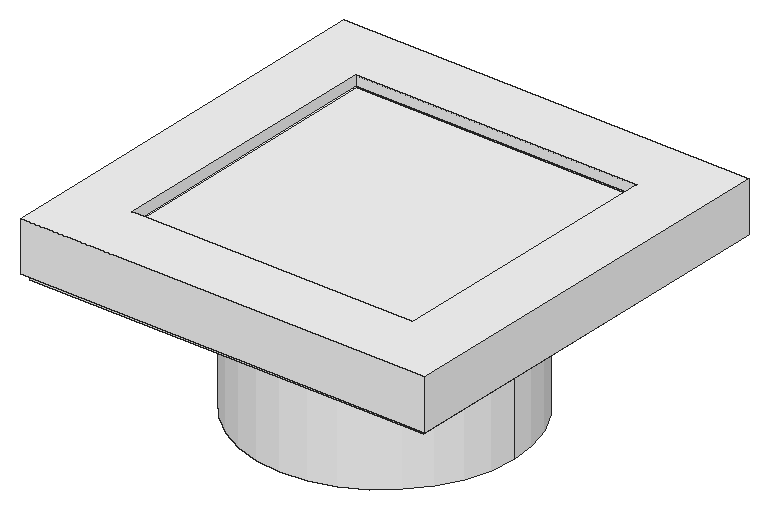
Revit family "Gira_029603", category Electrical Fixtures, host Face, Revit 2017
Family settings
  Host = Face
  Maintain Annotation Orientation = Yes
  Round Connector Dimension = Use Diameter
  Part Type = Normal
  Cut with Voids When Loaded = No
  Shared = No
  Room Calculation Point = No
Parameters (values of type "Rocker System 55 p.white")
  With exchangeable lens/symbol = "No"
  White [instance] = White
  URL = "http://katalog.gira.de/en/datenblatt.html?artikelnr=029603"
  Suitable for touch sensor connector for bus system = "Yes"
  Scannable symbol / barrier free = "No"
  Name = "Rocker System 55 p.white"
  Monitoring window/light outlet = "No"
  Model = "Single rocker"
  Manufacturer URL = "https://www.gira.de/"
  Manufacturer = "Gira"
  HeinzeBIM = "https://bimportal.heinze.de/bim/rocker-system-55-p-white/a55e00bda79fb94a13a75ee73137dbaa98c1a2b5"
  HAN = "029603"
  GTIN = "4010337296034"
  Description = "Rock. Sys55 PW,Rocker,,pure white glossy,"
  Default Elevation = 1219.2 mm
  Data sheet (1) = "https://katalog.gira.de/en/download.html?artikelnr=029603"
  Category = "Control element/cover plate for domestic switching devices"
  BIM (1) = "https://media.stage.bim.site/public/gira/36a6b08/Sys55_Komplettgerät_Schalten und Tasten.rfa?public/gira/36a6b08/Sys55_Komplettgerät_Schalten und Tasten.rfa"
  Available = "No"
Reference planes
  plane 1 "Center (Front/Back)": y = 0
  plane 2: z = 0
  plane 3 "Center (Left/Right)": x = 0
Forms (mm)
  Extrusion 1, solid, material "White" <- "White", detail levels medium
    sketch origin (0, 0, 0) x (1, 0, 0) y (0, 1, 0)
      loop
        line (-40.4, 40.4) -> (-40.4, -40.4) -> (40.4, -40.4) -> (40.4, 40.4) -> (-40.4, 40.4)
      loop
        line (-28, 28) -> (-28, -28) -> (28, -28) -> (28, 28) -> (-28, 28)
    from 0 to 10
  Extrusion 2, solid, material "White" <- "White", detail levels fine
    sketch origin (0, 0, 0) x (1, 0, 0) y (0, 1, 0)
      loop
        line (-40.4, 40.4) -> (-40.4, -40.4) -> (40.4, -40.4) -> (40.4, 40.4) -> (-40.4, 40.4)
      loop
        line (-28, 28) -> (-28, -28) -> (28, -28) -> (28, 28) -> (-28, 28)
    from 0 to 10
  Extrusion 3, void
    sketch origin (0, 0, 0) x (1, 0, 0) y (0, 1, 0)
      loop
        line (-38.4, 38.4) -> (-38.4, -38.4) -> (38.4, -38.4) -> (38.4, 38.4) -> (-38.4, 38.4)
    from 0 to 8
  Extrusion 4, solid, material "White" <- "White", detail levels medium+fine
    sketch origin (0, 0, 0) x (1, 0, 0) y (0, 1, 0)
      loop
        line (-39.4, 39.4) -> (-39.4, -39.4) -> (39.4, -39.4) -> (39.4, 39.4) -> (-39.4, 39.4)
    from 0 to -1
  Extrusion 5, solid, material "White" <- "White", detail levels medium+fine
    sketch origin (0, 0, 0) x (1, 0, 0) y (0, 1, 0)
      loop
        line (-35.5, 35.5) -> (-35.5, -35.5) -> (35.5, -35.5) -> (35.5, 35.5) -> (-35.5, 35.5)
    from -2 to -3
  Extrusion 6, solid, material "White" <- "White", detail levels medium+fine
    sketch origin (0, 0, 0) x (1, 0, 0) y (0, 1, 0)
      loop
        circle (0, 0) r 26
    from 0 to -27.5
  Extrusion 7, solid, material "White" <- "White", detail levels coarse
    sketch origin (0, 0, 0) x (1, 0, 0) y (0, 1, 0)
      loop
        line (-40.4, 40.4) -> (-40.4, -40.4) -> (40.4, -40.4) -> (40.4, 40.4) -> (-40.4, 40.4)
    from -27.5 to 10
Cuts and joins
  Extrusion 3 cuts Extrusion 2
Dimensions and locks
  aligned and locked: plane 2 to host face
  aligned and locked: level to host face
  aligned and locked: plane 3 "Center (Left/Right)" to nested 2
  aligned and locked: plane 1 "Center (Front/Back)" to nested 2
Nested families
  nested 1: "Sys55_Abdeckung_Schalten und Tasten_floor_base" at (0, 0, 0), type "Sys55_Abdeckung_Schalten und Tasten_floor_base"
  nested 2: "Schalter" at (0, 0, 0), type "Schalter"
Connectors
  electrical at (0, 0, -27.5)
    settings: on Extrusion 6, index 1, voltage 220 V, apparent load 0 VA, apparent load phase1 0 VA, apparent load phase2 0 VA, apparent load phase3 0 VA, power factor 1, load classification "Other", number of poles 1, system type 30, power factor state 1, is connector primary yes, connector utility no, sub classification motor no, connector description ""
Definition of nested family "Sys55_Abdeckung_Schalten und Tasten_floor_base"
  Parameters
    Default Elevation = 1219.2 mm
    White [instance] = none
  Reference planes
    plane 1 "Center (Front/Back)": y = 0
    plane 2: z = 0
    plane 3 "Center (Left/Right)": x = 0
  Forms (mm)
    Extrusion 1, solid
      sketch origin (0, 0, 0) x (1, 0, 0) y (0, 1, 0)
        loop
          line (-1219.2, 1219.2) -> (-1219.2, -1219.2) -> (1219.2, -1219.2) -> (1219.2, 1219.2) -> (-1219.2, 1219.2)
      from 0 to -304.8
    Extrusion 2, solid, material <- "White", detail levels fine
      sketch origin (0, 0, 0) x (1, 0, 0) y (0, 1, 0)
        loop
          line (-27.5, 27.5) -> (-27.5, -27.5) -> (27.5, -27.5) -> (27.5, 27.5) -> (-27.5, 27.5)
      from 0 to 8
    Extrusion 3, void
      sketch origin (0, 0, 0) x (1, 0, 0) y (0, 1, 0)
        loop
          line (26, 26) -> (-26, 26) -> (-26, -26) -> (26, -26) -> (26, 26)
      from 0 to 6
    Extrusion 4, solid, material <- "White", detail levels medium
      sketch origin (0, 0, 0) x (1, 0, 0) y (0, 1, 0)
        loop
          line (-27.5, 27.5) -> (-27.5, -27.5) -> (27.5, -27.5) -> (27.5, 27.5) -> (-27.5, 27.5)
      from 0 to 8
    Extrusion 5, solid, material <- "White", detail levels medium
      sketch origin (0, 0, 0) x (1, 0, 0) y (0, 1, 0)
        loop
          line (11, -17.5) -> (11, 17.5) -> (-11, 17.5) -> (-11, -17.5) -> (11, -17.5)
      from -6 to 6
    Extrusion 6, solid, material <- "White", detail levels fine
      sketch origin (0, 0, 0) x (1, 0, 0) y (0, 1, 0)
        loop
          line (11, 17.5) -> (-11, 17.5) -> (-11, 16.5) -> (11, 16.5) -> (11, 17.5)
        loop
          line (-11, -16.5) -> (-11, -17.5) -> (11, -17.5) -> (11, -16.5) -> (-11, -16.5)
      from -4 to 6
    Extrusion 7, solid, material <- "White", detail levels fine
      sketch origin (0, 0, 0) x (1, 0, 0) y (0, 1, 0)
        loop
          arc (5, 9.347) -> (0, 10.6) -> (-5, 9.347) r 10.6
          line (-5, 9.347) -> (-5, -9.347)
          arc (-5, -9.347) -> (0, -10.6) -> (5, -9.347) r 10.6
          line (5, -9.347) -> (5, 9.347)
      from -6 to 6
    Extrusion 8, solid, material <- "White", detail levels coarse
      sketch origin (0, 0, 0) x (1, 0, 0) y (0, 1, 0)
        loop
          line (-27.5, 27.5) -> (-27.5, -27.5) -> (27.5, -27.5) -> (27.5, 27.5) -> (-27.5, 27.5)
      from -6 to 8
  Cuts and joins
    Extrusion 3 cuts Extrusion 2
  Dimensions and locks
    aligned and locked: plane 2 to Extrusion 1
    aligned and locked: level to Extrusion 1
Definition of nested family "Schalter"
  Reference planes
    plane 1: y = 0
    plane 2: x = 0
  Lines and regions (mm)
    detail lines
      curve 1: circle (1.375, 2.778, 0) r 0.8 normal (0, 0, 1)
      curve 2: line (1.021, 2.061, 0) -> (0, 0, 0)
      curve 3: line (0, 0, 0) -> (-0.538, 0.266, 0)
  Dimensions and locks
    curve 2 to curve 2 = 2.3 mm
    curve 3 to curve 2 = 0.6 mm
    radius of curve 1 = 0.8 mm
